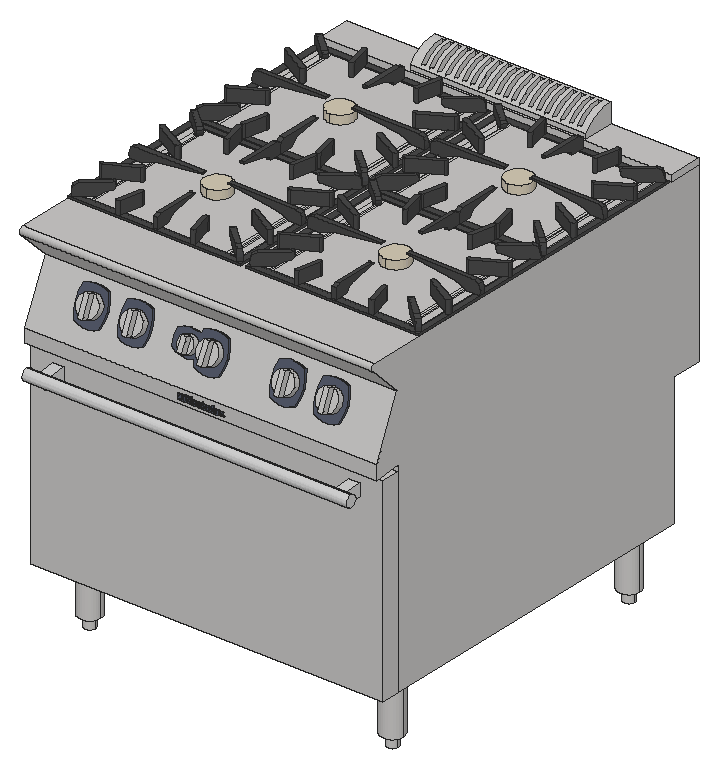
Revit family "QF_ELECTROLUXPROFESSIONAL_391521_E9AAMABBMEE", category Attrezzature speciali, Revit 2018
Family settings
  Quota connettore circolare = Usa diametro
  Tipo di parte = Normale
  Basato su piano di lavoro = No
  Sempre verticale = Sì
  Taglio con vuoti quando caricato = No
  Condiviso = No
  Punto di calcolo locali = No
Parameters (values of type "Standard")
  Weight = 115.00 kg
  Watts = 0 W
  Volts = 0 V
  URL Manufacturer = "https://www.electroluxprofessional.com/"
  URL = "https://www.electroluxprofessional.com/"
  Steam Supply Size = 0"
  Steam Supply Minimum Pressure = 0.00 psi
  Steam Supply Maximum Pressure = 0.00 psi
  Steam Consumption per Hour = 0
  Show Logo [instance] = yes
  Show Clearance [instance] = yes
  Refrigeration Suction Line Size = 0 mm
  Refrigeration Liquid Line Size = 0 mm
  Refrigerant Compressor Remote = yes
  Phase = 0
  Modello = "E9AAMABBMEE"
  Produttore = "Electrolux Professional"
  Length Actual = 800 mm  # constant formula
  Item Number = "391521"
  Hot Water Size = 0"
  Height Actual = 850 mm  # constant formula
  HP = "0 HP"
  Gas Size = 1/2"
  Gas KW = 36.5
  Gas Input Pressure = 1.13485 Btu/h
  Direct Waste Size = 0"
  Descrizione = "4-BURNER GAS RANGE+OVEN 800MM - 3MM WORKTOP"
  Depth Actual = 930 mm  # constant formula
  Cycle = 0 Hz
  Condensate Return Size = 0"
  Compressed Air Volume = 0 GPM
  Compressed Air Size = 0"
  Compressed Air Pressure = 0.00 psi
  Cold Water Size = 0"
  Accessory = yes
Values of the unnamed type that differ from the named types
  Weight = 0.00 kg
  URL Manufacturer = ""
  Item Number = ""
  HP = ""
  Gas KW = 0
  Gas Input Pressure = 0.0 Btu/h
Reference planes
  plane 1 "BACK": y = 0
  plane 2: z = 0
  plane 3 "LEFT": x = 0
  plane 4 "RIGHT": x = 800.1
  plane 5 "FRONT": y = -930.275
  plane 6 "TOP": z = 908.05
  plane 7 "Center Y": x = 400.05
  plane 8 "Center X": y = -465.137
  plane 9: z = 149.225
  plane 10: z = 1397
  plane 11: y = -80.962
  plane 12: z = 850
  plane 13: y = -128
  plane 14: y = -801.687
  plane 15: y = -576
  plane 16: y = -665
  plane 17: y = -1309
  plane 18: x = 744.1
  plane 19: x = 56
Forms (mm)
  Extrusion 1, solid, material "QF_Finishes_Stainless Steel"
    sketch origin (0, 0, 0) x (0, 1, 0) y (0, 0, 1)
      loop
        line (0, 449.262) -> (0, 850) -> (-922.302, 850)
        arc (-922.302, 850) -> (-930.275, 844.673) -> (-928.404, 835.268) r 8.63
        line (-928.404, 835.268) -> (-859.069, 765.933) -> (-916.765, 640.576) -> (-916.765, 609.279) -> (-856.641, 613.975)
        arc (-856.641, 613.975) -> (-854.117, 613.227) -> (-853.025, 610.831) r 3.175
        line (-853.025, 610.831) -> (-853.025, 149.225) -> (-71.438, 149.225) -> (-71.437, 449.263) -> (0, 449.262)
    from 0 to 800.1
  Revolve 2, solid, material "QF_Finishes_Stainless Steel"
    sketch origin (0, -801.687, 611.731) x (0, 0, -1) y (1, 0, 0)
      loop
        line (462.506, 55.562) -> (462.506, 30.162) -> (586.331, 30.162) -> (586.331, 42.862) -> (611.731, 42.862) -> (611.731, 55.562) -> (462.506, 55.562)
      axis (611.731, 55.562) -> (462.506, 55.562)
    angle from 0 to 360
  Revolve 3, solid, material "QF_Finishes_Stainless Steel"
    sketch origin (800.1, -801.687, 611.731) x (0, 0, -1) y (1, 0, 0)
      loop
        line (462.506, -55.562) -> (611.731, -55.562) -> (611.731, -42.862) -> (586.331, -42.862) -> (586.331, -30.162) -> (462.506, -30.162) -> (462.506, -55.562)
      axis (611.731, -55.562) -> (462.506, -55.562)
    angle from 0 to 360
  Revolve 4, solid, material "QF_Finishes_Stainless Steel"
    sketch origin (800.1, -128.588, 611.731) x (0, 0, -1) y (1, 0, 0)
      loop
        line (462.506, -55.562) -> (611.731, -55.562) -> (611.731, -42.862) -> (586.331, -42.862) -> (586.331, -30.162) -> (462.506, -30.162) -> (462.506, -55.562)
      axis (611.731, -55.562) -> (462.506, -55.562)
    angle from 0 to 360
  Revolve 5, solid, material "QF_Finishes_Stainless Steel"
    sketch origin (111.125, -128.588, 611.731) x (0, 0, -1) y (1, 0, 0)
      loop
        line (462.506, -55.562) -> (611.731, -55.562) -> (611.731, -42.862) -> (586.331, -42.862) -> (586.331, -30.162) -> (462.506, -30.162) -> (462.506, -55.562)
      axis (611.731, -55.562) -> (462.506, -55.562)
    angle from 0 to 360
  Extrusion 6, solid, material "QF_Finishes_Stainless Steel"
    sketch origin (0, 0, 0) x (0, 1, 0) y (0, 0, 1)
      loop
        line (0, 850) -> (0, 864.288) -> (-76.2, 864.288) -> (-76.2, 850) -> (0, 850)
    from 0 to 800.1
  Extrusion 7, void
    sketch origin (-65.011, 0, 865.138) x (-1, 0, 0) y (0, -1, 0)
      loop
        line (-295.005, 6.761) -> (-285.709, 6.761) -> (-285.709, 63.911) -> (-295.005, 63.911) -> (-295.005, 6.761)
      loop
        line (-313.697, 6.761) -> (-304.401, 6.761) -> (-304.401, 63.911) -> (-313.697, 63.911) -> (-313.697, 6.761)
      loop
        line (-332.39, 6.761) -> (-323.094, 6.761) -> (-323.094, 63.911) -> (-332.39, 63.911) -> (-332.39, 6.761)
      loop
        line (-351.082, 6.761) -> (-341.787, 6.761) -> (-341.787, 63.911) -> (-351.082, 63.911) -> (-351.082, 6.761)
      loop
        line (-369.775, 6.761) -> (-360.479, 6.761) -> (-360.479, 63.911) -> (-369.775, 63.911) -> (-369.775, 6.761)
      loop
        line (-388.468, 6.761) -> (-379.172, 6.761) -> (-379.172, 63.911) -> (-388.468, 63.911) -> (-388.468, 6.761)
      loop
        line (-407.16, 6.761) -> (-397.864, 6.761) -> (-397.864, 63.911) -> (-407.16, 63.911) -> (-407.16, 6.761)
      loop
        line (-425.853, 6.761) -> (-416.557, 6.761) -> (-416.557, 63.911) -> (-425.853, 63.911) -> (-425.853, 6.761)
      loop
        line (-444.545, 6.761) -> (-435.25, 6.761) -> (-435.25, 63.911) -> (-444.545, 63.911) -> (-444.545, 6.761)
      loop
        line (-463.238, 6.761) -> (-453.942, 6.761) -> (-453.942, 63.911) -> (-463.238, 63.911) -> (-463.238, 6.761)
      loop
        line (-481.931, 6.761) -> (-472.635, 6.761) -> (-472.635, 63.911) -> (-481.931, 63.911) -> (-481.931, 6.761)
      loop
        line (-500.623, 6.761) -> (-491.328, 6.761) -> (-491.328, 63.911) -> (-500.623, 63.911) -> (-500.623, 6.761)
      loop
        line (-519.316, 6.761) -> (-510.02, 6.761) -> (-510.02, 63.911) -> (-519.316, 63.911) -> (-519.316, 6.761)
      loop
        line (-538.008, 6.761) -> (-528.713, 6.761) -> (-528.713, 63.911) -> (-538.008, 63.911) -> (-538.008, 6.761)
      loop
        line (-556.701, 6.761) -> (-547.405, 6.761) -> (-547.405, 63.911) -> (-556.701, 63.911) -> (-556.701, 6.761)
      loop
        line (-575.394, 6.761) -> (-566.098, 6.761) -> (-566.098, 63.911) -> (-575.394, 63.911) -> (-575.394, 6.761)
      loop
        line (-594.086, 6.761) -> (-584.791, 6.761) -> (-584.791, 63.911) -> (-594.086, 63.911) -> (-594.086, 6.761)
      loop
        line (-612.779, 6.761) -> (-603.483, 6.761) -> (-603.483, 63.911) -> (-612.779, 63.911) -> (-612.779, 6.761)
      loop
        line (-631.472, 6.761) -> (-622.176, 6.761) -> (-622.176, 63.911) -> (-631.472, 63.911) -> (-631.472, 6.761)
      loop
        line (-650.164, 6.761) -> (-640.868, 6.761) -> (-640.868, 63.911) -> (-650.164, 63.911) -> (-650.164, 6.761)
    from 9.525 to 45.348
  Extrusion 8, solid, material "QF_Finishes_Stainless Steel"
    sketch origin (400.05, 175.397, 1219.2) x (0, 1, 0) y (0, 0, 1)
      loop
        line (-175.397, -354.912) -> (-175.397, -311.2)
        arc (-175.397, -311.2) -> (-214.469, -319.821) -> (-245.247, -345.387) r 84.854
        line (-245.247, -345.387) -> (-245.247, -354.912) -> (-175.397, -354.912)
    from -200.05 to 199.95
  Extrusion 9, solid, material "QF_Finishes_Navy Blue"
    sketch origin (0, -890.928, 697.612) x (0, -0.418102, -0.9084) y (1, 0, 0)
      loop
        arc (-53.776, 198.214) -> (-18.194, 190.589) -> (17.514, 197.596) r 90.5
        arc (17.514, 197.596) -> (24.34, 226.784) -> (17.514, 255.972) r 65.817
        arc (17.514, 255.972) -> (-18.193, 262.932) -> (-53.776, 255.359) r 91.066
        arc (-53.776, 255.359) -> (-60.332, 226.786) -> (-53.776, 198.214) r 65.546
      loop
        arc (-53.776, 98.214) -> (-18.194, 90.589) -> (17.514, 97.596) r 90.5
        arc (17.514, 97.596) -> (24.34, 126.784) -> (17.514, 155.972) r 65.817
        arc (17.514, 155.972) -> (-18.193, 162.932) -> (-53.776, 155.359) r 91.066
        arc (-53.776, 155.359) -> (-60.332, 126.786) -> (-53.776, 98.214) r 65.546
      loop
        arc (-53.776, 601.786) -> (-60.332, 573.214) -> (-53.776, 544.641) r 65.546
        arc (-53.776, 544.641) -> (-18.193, 537.068) -> (17.514, 544.028) r 91.066
        arc (17.514, 544.028) -> (24.34, 573.216) -> (17.514, 602.404) r 65.817
        arc (17.514, 602.404) -> (-18.194, 609.411) -> (-53.776, 601.786) r 90.5
      loop
        arc (-53.776, 701.786) -> (-60.332, 673.214) -> (-53.776, 644.641) r 65.546
        arc (-53.776, 644.641) -> (-18.193, 637.068) -> (17.514, 644.028) r 91.066
        arc (17.514, 644.028) -> (24.34, 673.216) -> (17.514, 702.404) r 65.817
        arc (17.514, 702.404) -> (-18.194, 709.411) -> (-53.776, 701.786) r 90.5
      loop
        arc (-40.159, 316.707) -> (-21.848, 313.911) -> (-3.351, 314.901) r 90.5
        arc (-3.351, 314.901) -> (6.915, 339.94) -> (6.238, 366.994) r 65.817
        arc (6.238, 366.994) -> (11.94, 368.741) -> (17.514, 370.86) r 90.5
        arc (17.514, 370.86) -> (24.34, 400.048) -> (17.514, 429.235) r 65.817
        arc (17.514, 429.235) -> (-18.193, 436.195) -> (-53.776, 428.623) r 91.066
        arc (-53.776, 428.623) -> (-60.332, 400.05) -> (-53.776, 371.477) r 65.546
        arc (-53.776, 371.477) -> (-49.379, 369.684) -> (-44.894, 368.124) r 90.5
        arc (-44.894, 368.124) -> (-47.802, 341.929) -> (-40.159, 316.707) r 65.546
    from 0 to 3.175
  Extrusion 10, solid, material "QF_Finishes_Stainless Steel"
    sketch origin (0, -893.812, 698.94) x (0, -0.418102, -0.9084) y (1, 0, 0)
      loop
        circle (-18.131, 227.457) r 25.4
      loop
        circle (-18.131, 127.457) r 25.4
      loop
        circle (-18.131, 572.543) r 25.4
      loop
        circle (-18.131, 672.543) r 25.4
      loop
        circle (-18.131, 349.957) r 19.05
      loop
        circle (-18.131, 400.05) r 25.4
    from 0 to 12.7
  Extrusion 11, solid, material "QF_Finishes_Stainless Steel"
    sketch origin (0, -905.349, 704.25) x (0, -0.418102, -0.9084) y (1, 0, 0)
      loop
        arc (-42.863, 233.243) -> (-43.531, 227.457) -> (-42.863, 221.671) r 25.4
        line (-42.863, 221.671) -> (6.601, 221.671)
        arc (6.601, 221.671) -> (7.269, 227.457) -> (6.601, 233.243) r 25.4
        line (6.601, 233.243) -> (-42.863, 233.243)
      loop
        arc (-42.863, 133.243) -> (-43.531, 127.457) -> (-42.863, 121.671) r 25.4
        line (-42.863, 121.671) -> (6.601, 121.671)
        arc (6.601, 121.671) -> (7.269, 127.457) -> (6.601, 133.243) r 25.4
        line (6.601, 133.243) -> (-42.863, 133.243)
      loop
        arc (-34.426, 356.459) -> (-35.24, 350.69) -> (-34.719, 344.887) r 25.4
        line (-34.719, 344.887) -> (-2.956, 344.887)
        arc (-2.956, 344.887) -> (-2.067, 350.647) -> (-2.515, 356.459) r 25.4
        line (-2.515, 356.459) -> (-34.426, 356.459)
      loop
        arc (-42.863, 579.675) -> (-43.531, 573.889) -> (-42.863, 568.102) r 25.4
        line (-42.863, 568.102) -> (6.601, 568.102)
        arc (6.601, 568.102) -> (7.269, 573.889) -> (6.601, 579.675) r 25.4
        line (6.601, 579.675) -> (-42.863, 579.675)
      loop
        arc (-42.863, 679.675) -> (-43.531, 673.889) -> (-42.863, 668.102) r 25.4
        line (-42.863, 668.102) -> (6.601, 668.102)
        arc (6.601, 668.102) -> (7.269, 673.889) -> (6.601, 679.675) r 25.4
        line (6.601, 679.675) -> (-42.863, 679.675)
      loop
        arc (-42.863, 405.836) -> (-43.531, 400.05) -> (-42.863, 394.264) r 25.4
        line (-42.863, 394.264) -> (6.601, 394.264)
        arc (6.601, 394.264) -> (7.269, 400.05) -> (6.601, 405.836) r 25.4
        line (6.601, 405.836) -> (-42.863, 405.836)
    from 0 to 12.7
  Extrusion 12, solid, material "QF_Finishes_Navy Blue", visible <- "Show Logo"
    sketch origin (0, -916.765, 609.279) x (0, 0, 1) y (-1, 0, 0)
      loop
        line (21.268, -357.807) -> (8.901, -357.807)
        arc (8.901, -357.807) -> (15.085, -362.379) -> (21.268, -357.807) r 6.467
      loop
        arc (21.268, -357.178) -> (20.099, -352.035) -> (15.443, -349.557) r 6.338
        line (15.443, -349.557) -> (15.443, -351.603)
        arc (15.443, -351.603) -> (16.927, -355.258) -> (20.372, -357.178) r 5.941
        line (20.372, -357.178) -> (21.268, -357.178)
      loop
        arc (9.797, -357.178) -> (13.242, -355.258) -> (14.726, -351.603) r 5.941
        line (14.726, -351.603) -> (14.726, -349.557)
        arc (14.726, -349.557) -> (10.032, -352.031) -> (8.742, -357.178) r 6.504
        line (8.742, -357.178) -> (9.797, -357.178)
      loop
        line (21.943, -349.088) -> (8.198, -349.088) -> (8.198, -362.851) -> (21.943, -362.851) -> (21.943, -349.088)
      loop
        arc (22.026, -365.819) -> (21.679, -365.461) -> (21.312, -365.799) r 0.358
        arc (21.312, -365.799) -> (20.997, -366.549) -> (20.281, -366.934) r 1.216
        line (20.281, -366.934) -> (9.868, -366.934)
        arc (9.868, -366.934) -> (9.208, -366.657) -> (8.812, -366.06) r 1.238
        arc (8.812, -366.06) -> (8.417, -365.809) -> (8.112, -366.163) r 0.358
        line (8.112, -366.163) -> (8.112, -376.042) -> (10.863, -376.042) -> (10.863, -375.145)
        arc (10.863, -375.145) -> (9.954, -374.565) -> (9.498, -373.588) r 1.928
        line (9.498, -373.588) -> (9.498, -371.089)
        arc (9.498, -371.089) -> (9.774, -370.36) -> (10.462, -369.996) r 1.101
        line (10.462, -369.996) -> (14.549, -369.996) -> (14.549, -373.67)
        arc (14.549, -373.67) -> (14.196, -374.167) -> (13.631, -374.395) r 1.083
        arc (13.631, -374.395) -> (13.367, -374.7) -> (13.659, -374.978) r 0.292
        line (13.659, -374.978) -> (16.621, -374.978)
        arc (16.621, -374.978) -> (16.924, -374.705) -> (16.686, -374.375) r 0.305
        arc (16.686, -374.375) -> (16.195, -374.127) -> (15.89, -373.67) r 1.083
        line (15.89, -373.67) -> (15.89, -369.996) -> (20.567, -369.996) -> (20.567, -373.744)
        arc (20.567, -373.744) -> (20.353, -374.499) -> (19.747, -374.997) r 1.314
        arc (19.747, -374.997) -> (19.527, -375.401) -> (19.882, -375.694) r 0.361
        line (19.882, -375.694) -> (22.026, -375.694) -> (22.026, -365.819)
      loop
        arc (21.309, -376.474) -> (20.928, -377.393) -> (20.01, -377.773) r 1.299
        line (20.01, -377.773) -> (10.431, -377.773)
        arc (10.431, -377.773) -> (9.593, -377.395) -> (9.321, -376.517) r 1.118
        line (9.321, -376.517) -> (8.112, -376.517) -> (8.112, -381.867) -> (9.3, -381.867)
        arc (9.3, -381.867) -> (9.572, -380.95) -> (10.442, -380.554) r 1.153
        line (10.442, -380.554) -> (22.514, -380.554) -> (21.309, -376.474)
      loop
        line (13.077, -384.503) -> (13.077, -390.951) -> (13.876, -390.951)
        arc (13.876, -390.951) -> (16.456, -389.966) -> (17.725, -387.513) r 3.874
        line (17.725, -387.513) -> (17.725, -385.752)
        arc (17.725, -385.752) -> (16.538, -382.887) -> (13.674, -381.701) r 4.051
        line (13.674, -381.701) -> (11.666, -381.701)
        arc (11.666, -381.701) -> (8.847, -383.186) -> (7.795, -386.193) r 4.352
        arc (7.795, -386.193) -> (8.16, -388.656) -> (9.537, -390.73) r 5.713
        line (9.537, -390.73) -> (10.486, -390.73)
        arc (10.486, -390.73) -> (9.754, -389.161) -> (9.537, -387.443) r 5.579
        arc (9.537, -387.443) -> (10.331, -385.48) -> (12.21, -384.503) r 3.057
        line (12.21, -384.503) -> (13.077, -384.503)
      loop
        line (14.336, -384.503) -> (14.336, -388.085)
        arc (14.336, -388.085) -> (15.793, -388.133) -> (16.676, -386.973) r 1.59
        line (16.676, -386.973) -> (16.676, -386.143)
        arc (16.676, -386.143) -> (15.811, -384.888) -> (14.336, -384.503) r 2.184
      loop
        arc (17.127, -400.368) -> (17.616, -398.694) -> (17.773, -396.957) r 9.023
        line (17.773, -396.957) -> (17.773, -395.595)
        arc (17.773, -395.595) -> (16.614, -392.795) -> (13.814, -391.636) r 3.959
        line (13.814, -391.636) -> (11.214, -391.636)
        arc (11.214, -391.636) -> (8.932, -392.928) -> (7.815, -395.301) r 4.331
        line (7.815, -395.301) -> (7.815, -397.436)
        arc (7.815, -397.436) -> (8.323, -398.986) -> (9.245, -400.332) r 5.772
        arc (9.245, -400.332) -> (10.006, -400.383) -> (10.093, -399.624) r 0.553
        arc (10.093, -399.624) -> (9.705, -398.89) -> (9.571, -398.071) r 2.573
        line (9.571, -398.071) -> (9.571, -396.556)
        arc (9.571, -396.556) -> (10.577, -394.915) -> (12.392, -394.272) r 2.884
        line (12.392, -394.272) -> (13.67, -394.272)
        arc (13.67, -394.272) -> (15.492, -394.832) -> (16.418, -396.497) r 2.554
        line (16.418, -396.497) -> (16.418, -397.55)
        arc (16.418, -397.55) -> (16.087, -398.478) -> (15.43, -399.213) r 2.564
        arc (15.43, -399.213) -> (15.208, -399.93) -> (15.817, -400.368) r 0.643
        line (15.817, -400.368) -> (17.127, -400.368)
      loop
        line (16.109, -400.638) -> (16.109, -402.139) -> (10.061, -402.139)
        arc (10.061, -402.139) -> (8.473, -402.797) -> (7.815, -404.385) r 2.246
        line (7.815, -404.385) -> (7.815, -405.969)
        arc (7.815, -405.969) -> (8.129, -406.834) -> (8.629, -407.605) r 4.06
        arc (8.629, -407.605) -> (9.362, -407.738) -> (9.613, -407.037) r 0.576
        arc (9.613, -407.037) -> (9.507, -406.512) -> (9.571, -405.979) r 1.69
        arc (9.571, -405.979) -> (10.113, -405.191) -> (11.019, -404.888) r 1.506
        line (11.019, -404.888) -> (16.157, -404.888) -> (16.157, -407.285) -> (16.713, -407.842) -> (17.535, -407.842) -> (17.535, -404.982) -> (20.766, -404.982) -> (16.109, -400.638)
      loop
        line (8.032, -408.739) -> (8.032, -414.126) -> (9.142, -414.126)
        arc (9.142, -414.126) -> (9.536, -413.175) -> (10.487, -412.781) r 1.345
        line (10.487, -412.781) -> (14.103, -412.781)
        arc (14.103, -412.781) -> (14.868, -413.373) -> (15.157, -414.295) r 1.615
        line (15.157, -414.295) -> (15.157, -415.851) -> (17.713, -416.536) -> (17.713, -415.153) -> (15.771, -412.594) -> (17.651, -412.594) -> (17.367, -409.888)
        arc (17.367, -409.888) -> (16.927, -409.358) -> (16.268, -409.559) r 0.621
        arc (16.268, -409.559) -> (15.868, -409.901) -> (15.374, -410.084) r 1.501
        line (15.374, -410.084) -> (10.487, -410.084)
        arc (10.487, -410.084) -> (9.536, -409.69) -> (9.142, -408.739) r 1.345
        line (9.142, -408.739) -> (8.032, -408.739)
      loop
        line (14.134, -416.073) -> (11.442, -416.073)
        arc (11.442, -416.073) -> (8.996, -417.381) -> (7.863, -419.912) r 4.288
        arc (7.863, -419.912) -> (7.799, -421.292) -> (7.863, -422.672) r 15.022
        arc (7.863, -422.672) -> (8.996, -425.203) -> (11.442, -426.51) r 4.288
        line (11.442, -426.51) -> (14.134, -426.51)
        arc (14.134, -426.51) -> (16.579, -425.203) -> (17.713, -422.672) r 4.288
        arc (17.713, -422.672) -> (17.777, -421.292) -> (17.713, -419.912) r 15.022
        arc (17.713, -419.912) -> (16.579, -417.381) -> (14.134, -416.073) r 4.288
      loop
        line (14.339, -419.187) -> (11.237, -419.187)
        arc (11.237, -419.187) -> (9.08, -421.344) -> (11.237, -423.501) r 2.157
        line (11.237, -423.501) -> (14.339, -423.501)
        arc (14.339, -423.501) -> (16.496, -421.344) -> (14.339, -419.187) r 2.157
      loop
        arc (21.32, -426.369) -> (20.949, -427.263) -> (20.055, -427.633) r 1.264
        line (20.055, -427.633) -> (10.191, -427.633)
        arc (10.191, -427.633) -> (9.321, -427.236) -> (9.049, -426.32) r 1.153
        line (9.049, -426.32) -> (8.112, -426.32) -> (8.112, -431.428) -> (9.04, -431.428)
        arc (9.04, -431.428) -> (9.399, -430.656) -> (10.191, -430.341) r 1.153
        line (10.191, -430.341) -> (22.514, -430.341) -> (21.32, -426.369)
      loop
        arc (16.44, -430.966) -> (16.241, -432.03) -> (15.272, -432.512) r 1.215
        line (15.272, -432.512) -> (10.252, -432.512)
        arc (10.252, -432.512) -> (8.637, -433.16) -> (7.916, -434.743) r 2.338
        line (7.916, -434.743) -> (7.916, -436.257)
        arc (7.916, -436.257) -> (8.091, -437.261) -> (8.593, -438.147) r 2.979
        line (8.593, -438.147) -> (8.112, -439.944) -> (8.112, -441.633) -> (17.537, -441.633) -> (17.243, -437.429) -> (16.457, -437.429)
        arc (16.457, -437.429) -> (16.101, -438.265) -> (15.349, -438.774) r 1.605
        line (15.349, -438.774) -> (10.246, -438.774)
        arc (10.246, -438.774) -> (9.826, -437.837) -> (9.753, -436.813) r 2.94
        arc (9.753, -436.813) -> (10.314, -435.712) -> (11.467, -435.269) r 1.724
        line (11.467, -435.269) -> (17.664, -435.269) -> (16.44, -430.966)
      loop
        line (17.468, -442.486) -> (15.796, -444.532) -> (12.622, -446.838) -> (9.166, -443.726)
        arc (9.166, -443.726) -> (8.928, -443.332) -> (8.951, -442.873) r 0.789
        line (8.951, -442.873) -> (8.112, -442.873) -> (8.112, -446.418) -> (8.938, -446.418)
        arc (8.938, -446.418) -> (9.28, -446.056) -> (9.77, -446.148) r 0.52
        line (9.77, -446.148) -> (11.57, -447.619) -> (9.452, -448.995)
        arc (9.452, -448.995) -> (9.051, -448.685) -> (8.964, -448.185) r 0.7
        line (8.964, -448.185) -> (8.112, -448.185) -> (8.112, -454.112) -> (8.998, -454.112)
        arc (8.998, -454.112) -> (9.065, -453.453) -> (9.46, -452.922) r 1.247
        line (9.46, -452.922) -> (13.66, -449.641) -> (16.107, -451.694) -> (17.468, -453.436) -> (17.468, -449.713) -> (15.983, -450.135) -> (14.462, -448.858) -> (16.162, -447.668) -> (17.468, -448.445) -> (17.468, -442.486)
    from 0 to 1.644
  Extrusion 13, solid, material "QF_Finishes_Stainless Steel"
    sketch origin (0, -853.025, 610.831) x (0, 0, -1) y (1, 0, 0)
      loop
        line (460.831, 0) -> (460.831, 800) -> (9.61, 800) -> (9.61, 0) -> (460.831, 0)
    from 3.175 to 46.663
  Extrusion 14, solid, material "QF_Finishes_Handrails and Railings"
    sketch origin (50.8, -1053.827, 150) x (0, 0, 1) y (0, 1, 0)
      loop
        circle (420.409, 103.146) r 12.7
    from 19.875 to -718.375
  Extrusion 15, solid, material "QF_Finishes_Handrails and Railings"
    sketch origin (800, -1053.827, 150) x (0, 0, 1) y (0, -1, 0)
      loop
        line (429.101, -153.025) -> (426.396, -114.347)
        arc (426.396, -114.347) -> (412.589, -113.153) -> (408.093, -100.044) r 12.7
        arc (408.093, -100.044) -> (407.276, -100.585) -> (406.501, -101.183) r 13.441
        arc (406.501, -101.183) -> (405.055, -102.989) -> (404.435, -105.216) r 5.77
        line (404.435, -105.216) -> (401.092, -153.025) -> (429.101, -153.025)
    from -50.7 to -76.1
  Extrusion 16, solid, material "QF_Finishes_Handrails and Railings"
    sketch origin (0.1, -1053.827, 150) x (0, 0, 1) y (0, 1, 0)
      loop
        line (429.101, 153.025) -> (401.092, 153.025) -> (404.435, 105.216)
        arc (404.435, 105.216) -> (405.055, 102.989) -> (406.501, 101.183) r 5.77
        arc (406.501, 101.183) -> (407.276, 100.585) -> (408.093, 100.044) r 13.441
        arc (408.093, 100.044) -> (412.589, 113.153) -> (426.396, 114.347) r 12.7
        line (426.396, 114.347) -> (429.101, 153.025)
    from -50.7 to -76.1
  Extrusion 17, solid, material "QF_Door-Drawer Clearances", visible <- "Show Clearance", detail levels coarse
    sketch origin (800, -853.025, 150) x (0, 0, 1) y (0, -1, 0)
      loop
        line (0, 455.843) -> (0, 46.663) -> (451.222, 46.663)
        arc (451.222, 46.663) -> (302.118, 335.621) -> (0, 455.843) r 464.165
    from 0 to -800
  Extrusion 18, solid, material "QF_Finishes_Stainless Steel"
    sketch origin (0, -853.025, 149.225) x (1, 0, 0) y (0, -1, 0)
      loop
        circle (749.3, -187.862) r 6.4
      loop
        circle (757.1, -277.025) r 6.4
    from 0 to 20.638
  Extrusion 19, solid, material "QF_Clearances", visible <- "Show Clearance", detail levels coarse
    sketch origin (0, 0, 0) x (1, 0, 0) y (0, 1, 0)
      loop
        line (-100.013, -930.275) -> (0, -930.275) -> (0, 0) -> (800.1, 0) -> (800.1, -930.275) -> (900.113, -930.275) -> (900.113, 100.013) -> (-100.013, 100.013) -> (-100.013, -930.275)
    from 0 to 908.05
Cuts and joins
  Extrusion 7 cuts Extrusion 8
Lines and regions (mm)
  symbolic lines, style "QF_Clearances", visible <- "Show Clearance", detail levels coarse
    curve 1: line (-100.013, -930.275, 0) -> (-100.012, 100.013, 0)
    curve 2: line (-100.013, 100.013, 0) -> (900.113, 100.013, 0)
    curve 3: line (900.113, 100.013, 0) -> (900.113, -929.879, 0)
  symbolic lines
    curve 4: line (0, 0, 0) -> (800.1, 0, 0)
    curve 5: line (800.1, 0, 0) -> (800.1, -930.275, 0)
    curve 6: line (0, -930.275, 0) -> (0, 0, 0)
    curve 7: line (0, -76.2, 0) -> (800.1, -76.2, 0)
    curve 8: line (0, -930.275, 0) -> (800.1, -930.275, 0)
    curve 12: line (769.175, -963.381, 0) -> (30.925, -963.381, 0)
    curve 13: line (30.925, -963.381, 0) -> (30.925, -937.981, 0)
    curve 14: line (769.175, -963.381, 0) -> (769.175, -937.981, 0)
    curve 15: line (769.175, -937.981, 0) -> (749.3, -937.981, 0)
    curve 16: line (749.3, -953.783, 0) -> (749.3, -930.275, 0)
    curve 17: line (723.9, -953.783, 0) -> (723.9, -930.275, 0)
    curve 18: line (723.9, -937.981, 0) -> (76.2, -937.981, 0)
    curve 19: line (30.925, -937.981, 0) -> (50.8, -937.981, 0)
    curve 20: line (50.8, -930.275, 0) -> (50.8, -953.783, 0)
    curve 21: line (50.8, -953.783, 0) -> (76.2, -953.783, 0)
    curve 22: line (76.2, -953.783, 0) -> (76.2, -930.275, 0)
    curve 23: line (749.3, -953.783, 0) -> (723.9, -953.783, 0)
    curve 24: line (200, -69.85, 0) -> (200, 0, 0)
    curve 25: line (200, -69.85, 0) -> (600, -69.85, 0)
    curve 26: line (600, -69.85, 0) -> (600, 0, 0)
    curve 27: line (585.153, -6.761, 0) -> (585.153, -63.911, 0)
    curve 28: line (585.153, -63.911, 0) -> (575.857, -63.911, 0)
    curve 29: line (575.857, -63.911, 0) -> (575.857, -6.761, 0)
    curve 30: line (575.857, -6.761, 0) -> (585.153, -6.761, 0)
    curve 31: line (566.461, -6.761, 0) -> (566.461, -63.911, 0)
    curve 32: line (566.461, -63.911, 0) -> (557.165, -63.911, 0)
    curve 33: line (557.165, -63.911, 0) -> (557.165, -6.761, 0)
    curve 34: line (557.165, -6.761, 0) -> (566.461, -6.761, 0)
    curve 35: line (547.768, -6.761, 0) -> (547.768, -63.911, 0)
    curve 36: line (547.768, -63.911, 0) -> (538.472, -63.911, 0)
    curve 37: line (538.472, -63.911, 0) -> (538.472, -6.761, 0)
    curve 38: line (538.472, -6.761, 0) -> (547.768, -6.761, 0)
    curve 39: line (529.075, -6.761, 0) -> (529.075, -63.911, 0)
    curve 40: line (529.075, -63.911, 0) -> (519.78, -63.911, 0)
    curve 41: line (519.78, -63.911, 0) -> (519.78, -6.761, 0)
    curve 42: line (519.78, -6.761, 0) -> (529.075, -6.761, 0)
    curve 43: line (510.383, -6.761, 0) -> (510.383, -63.911, 0)
    curve 44: line (510.383, -63.911, 0) -> (501.087, -63.911, 0)
    curve 45: line (501.087, -63.911, 0) -> (501.087, -6.761, 0)
    curve 46: line (501.087, -6.761, 0) -> (510.383, -6.761, 0)
    curve 47: line (491.69, -6.761, 0) -> (491.69, -63.911, 0)
    curve 48: line (491.69, -63.911, 0) -> (482.394, -63.911, 0)
    curve 49: line (482.394, -63.911, 0) -> (482.394, -6.761, 0)
    curve 50: line (482.394, -6.761, 0) -> (491.69, -6.761, 0)
    curve 51: line (472.998, -6.761, 0) -> (472.998, -63.911, 0)
    curve 52: line (472.998, -63.911, 0) -> (463.702, -63.911, 0)
    curve 53: line (463.702, -63.911, 0) -> (463.702, -6.761, 0)
    curve 54: line (463.702, -6.761, 0) -> (472.998, -6.761, 0)
    curve 55: line (454.305, -6.761, 0) -> (454.305, -63.911, 0)
    curve 56: line (454.305, -63.911, 0) -> (445.009, -63.911, 0)
    curve 57: line (445.009, -63.911, 0) -> (445.009, -6.761, 0)
    curve 58: line (445.009, -6.761, 0) -> (454.305, -6.761, 0)
    curve 59: line (435.612, -6.761, 0) -> (435.612, -63.911, 0)
    curve 60: line (435.612, -63.911, 0) -> (426.317, -63.911, 0)
    curve 61: line (426.317, -63.911, 0) -> (426.317, -6.761, 0)
    curve 62: line (426.317, -6.761, 0) -> (435.612, -6.761, 0)
    curve 63: line (416.92, -6.761, 0) -> (416.92, -63.911, 0)
    curve 64: line (416.92, -63.911, 0) -> (407.624, -63.911, 0)
    curve 65: line (407.624, -63.911, 0) -> (407.624, -6.761, 0)
    curve 66: line (407.624, -6.761, 0) -> (416.92, -6.761, 0)
    curve 67: line (398.227, -6.761, 0) -> (398.227, -63.911, 0)
    curve 68: line (398.227, -63.911, 0) -> (388.931, -63.911, 0)
    curve 69: line (388.931, -63.911, 0) -> (388.931, -6.761, 0)
    curve 70: line (388.931, -6.761, 0) -> (398.227, -6.761, 0)
    curve 71: line (379.534, -6.761, 0) -> (379.534, -63.911, 0)
    curve 72: line (379.534, -63.911, 0) -> (370.239, -63.911, 0)
    curve 73: line (370.239, -63.911, 0) -> (370.239, -6.761, 0)
    curve 74: line (370.239, -6.761, 0) -> (379.534, -6.761, 0)
    curve 75: line (360.842, -6.761, 0) -> (360.842, -63.911, 0)
    curve 76: line (360.842, -63.911, 0) -> (351.546, -63.911, 0)
    curve 77: line (351.546, -63.911, 0) -> (351.546, -6.761, 0)
    curve 78: line (351.546, -6.761, 0) -> (360.842, -6.761, 0)
    curve 79: line (342.149, -6.761, 0) -> (342.149, -63.911, 0)
    curve 80: line (342.149, -63.911, 0) -> (332.854, -63.911, 0)
    curve 81: line (332.854, -63.911, 0) -> (332.854, -6.761, 0)
    curve 82: line (332.854, -6.761, 0) -> (342.149, -6.761, 0)
    curve 83: line (323.457, -6.761, 0) -> (323.457, -63.911, 0)
    curve 84: line (323.457, -63.911, 0) -> (314.161, -63.911, 0)
    curve 85: line (314.161, -63.911, 0) -> (314.161, -6.761, 0)
    curve 86: line (314.161, -6.761, 0) -> (323.457, -6.761, 0)
    curve 87: line (304.764, -6.761, 0) -> (304.764, -63.911, 0)
    curve 88: line (304.764, -63.911, 0) -> (295.468, -63.911, 0)
    curve 89: line (295.468, -63.911, 0) -> (295.468, -6.761, 0)
    curve 90: line (295.468, -6.761, 0) -> (304.764, -6.761, 0)
    curve 91: line (286.071, -6.761, 0) -> (286.071, -63.911, 0)
    curve 92: line (286.071, -63.911, 0) -> (276.776, -63.911, 0)
    curve 93: line (276.776, -63.911, 0) -> (276.776, -6.761, 0)
    curve 94: line (276.776, -6.761, 0) -> (286.071, -6.761, 0)
    curve 95: line (267.379, -6.761, 0) -> (267.379, -63.911, 0)
    curve 96: line (267.379, -63.911, 0) -> (258.083, -63.911, 0)
    curve 97: line (258.083, -63.911, 0) -> (258.083, -6.761, 0)
    curve 98: line (258.083, -6.761, 0) -> (267.379, -6.761, 0)
    curve 99: line (248.686, -6.761, 0) -> (248.686, -63.911, 0)
    curve 100: line (248.686, -63.911, 0) -> (239.39, -63.911, 0)
    curve 101: line (239.39, -63.911, 0) -> (239.39, -6.761, 0)
    curve 102: line (239.39, -6.761, 0) -> (248.686, -6.761, 0)
    curve 103: line (229.994, -6.761, 0) -> (229.994, -63.911, 0)
    curve 104: line (229.994, -63.911, 0) -> (220.698, -63.911, 0)
    curve 105: line (220.698, -63.911, 0) -> (220.698, -6.761, 0)
    curve 106: line (220.698, -6.761, 0) -> (229.994, -6.761, 0)
  symbolic lines, style "QF_Door-Drawer Clearances"
    curve 9: line (0, -1308.868, 0) -> (800, -1308.868, 0)
    curve 10: line (800, -1308.868, 0) -> (800, -928.868, 0)
    curve 11: line (0, -1308.868, 0) -> (0, -930.275, 0)
Dimensions and locks
  equal spacing: plane 3 "LEFT", plane 7 "Center Y", plane 4 "RIGHT"
  plane 3 "LEFT" to plane 4 "RIGHT" = 800.1 mm
  equal spacing: plane 5 "FRONT", plane 8 "Center X", plane 1 "BACK"
  plane 5 "FRONT" to plane 1 "BACK" = 930.275 mm  (x2)
  plane 6 "TOP" to plane 2 = 908.05 mm
  plane 9 to plane 2 = 149.225 mm  (x2)
  plane 10 to plane 6 "TOP" = 488.95 mm
  plane 10 to plane 2 = 1397 mm
  plane 10 to plane 9 = 1247.775 mm
  plane 6 "TOP" to plane 12 = 58.05 mm
  plane 12 to plane 2 = 850 mm
  plane 13 to plane 1 "BACK" = 128 mm
  plane 14 to plane 13 = 673.688 mm
  Extrusion 1 sketch curve to plane 1 "BACK" = 71.438 mm
  Extrusion 1 sketch curve to plane 9 = 300.038 mm
  Extrusion 18 sketch curve to plane 4 "RIGHT" = 50.8 mm
  Extrusion 18 sketch curve to plane 1 "BACK" = 665.163 mm
  Extrusion 18 to plane 2 = 128.588 mm
  plane 9 to Extrusion 1 = 300.037 mm
  Extrusion 1 to plane 1 "BACK" = 71.438 mm
  Extrusion 18 sketch curve to plane 1 "BACK" = 576 mm
  Extrusion 18 sketch curve to plane 4 "RIGHT" = 43 mm
  plane 16 to plane 1 "BACK" = 665 mm
  plane 15 to plane 1 "BACK" = 576 mm
  plane 17 to plane 1 "BACK" = 1309 mm
  Extrusion 17 to plane 14 = 98 mm
  Extrusion 17 to plane 1 "BACK" = 899.687 mm
  plane 3 "LEFT" to plane 19 to plane 18 to plane 4 "RIGHT" = 56 mm, 688.1 mm, 56 mm
  aligned and locked: level to plane 2
  aligned and locked: Extrusion 1 to plane 4 "RIGHT"
  aligned and locked: plane 14 to Revolve 2
  aligned and locked: Extrusion 6 to plane 4 "RIGHT"
  aligned and locked: Extrusion 17 to Extrusion 13
  aligned and locked: plane 6 "TOP" to Extrusion 19
Automatic sketch dimensions
  Extrusion 1 sketch curve to plane 12 = 0 mm
  Extrusion 1 sketch curve to plane 9 = 0 mm
  Extrusion 1 sketch curve to plane 1 "BACK" = 0 mm
  plane 14 to Extrusion 1 sketch curve = 51.337 mm
  Extrusion 1 sketch curve to Extrusion 1 sketch curve = 3.175 mm
  Extrusion 1 sketch curve to Extrusion 1 sketch curve = 0.442 mm
  Extrusion 1 sketch curve to plane 5 "FRONT" = 1.871 mm
  Extrusion 1 sketch curve to plane 12 = 240.721 mm
  Extrusion 1 sketch curve to Extrusion 1 sketch curve = 1.552 mm
  Extrusion 1 sketch curve to Extrusion 1 sketch curve = 31.298 mm
  Extrusion 1 sketch curve to plane 12 = 84.067 mm
  Extrusion 1 sketch curve to plane 12 = 14.732 mm
  Revolve 2 sketch curve to plane 9 = 0 mm
  Revolve 2 sketch curve to level = 0 mm
  Revolve 2 sketch curve to Revolve 2 sketch curve = 32.525 mm
  Revolve 2 sketch curve to Revolve 2 sketch curve = 50.8 mm
  level to Revolve 2 sketch curve = 25.4 mm
  Revolve 2 sketch curve to Revolve 2 sketch curve = 12.7 mm  (x2)
  Revolve 3 sketch curve to plane 9 = 0 mm
  Revolve 3 sketch curve to level = 0 mm
  Revolve 3 sketch curve to Revolve 3 sketch curve = 32.525 mm
  Revolve 3 sketch curve to Revolve 3 sketch curve = 50.8 mm
  level to Revolve 3 sketch curve = 25.4 mm
  Revolve 3 sketch curve to Revolve 3 sketch curve = 12.7 mm
  Revolve 3 sketch curve to Revolve 3 sketch curve = 25.4 mm
  Revolve 4 sketch curve to plane 9 = 0 mm
  Revolve 4 sketch curve to level = 0 mm
  Revolve 4 sketch curve to Revolve 4 sketch curve = 32.525 mm
  Revolve 4 sketch curve to Revolve 4 sketch curve = 50.8 mm
  level to Revolve 4 sketch curve = 25.4 mm
  Revolve 4 sketch curve to Revolve 4 sketch curve = 12.7 mm
  Revolve 4 sketch curve to Revolve 4 sketch curve = 25.4 mm
  Revolve 5 sketch curve to plane 9 = 0 mm
  Revolve 5 sketch curve to level = 0 mm
  Revolve 5 sketch curve to Revolve 5 sketch curve = 32.525 mm
  Revolve 5 sketch curve to Revolve 5 sketch curve = 50.8 mm
  level to Revolve 5 sketch curve = 25.4 mm
  Extrusion 6 sketch curve to plane 12 = 0 mm
  Extrusion 6 sketch curve to plane 1 "BACK" = 0 mm
  plane 11 to Extrusion 6 sketch curve = 4.763 mm
  plane 12 to Extrusion 6 sketch curve = 14.288 mm
  plane 11 to Extrusion 7 sketch curve = 17.052 mm  (x19)
  Extrusion 7 sketch curve to Extrusion 7 sketch curve = 9.296 mm  (x20)
  Extrusion 7 sketch curve to Extrusion 7 sketch curve = 9.397 mm  (x18)
  plane 7 "Center Y" to Extrusion 7 sketch curve = 7.574 mm
  Extrusion 7 sketch curve to plane 7 "Center Y" = 1.823 mm
  Extrusion 7 sketch curve to Extrusion 7 sketch curve = 0 mm
  plane 1 "BACK" to Extrusion 7 sketch curve = 6.761 mm  (x20)
  Extrusion 8 sketch curve to plane 1 "BACK" = 0 mm
  plane 1 "BACK" to Extrusion 8 sketch curve = 1.769 mm
  plane 11 to Extrusion 8 sketch curve = 11.113 mm
  Extrusion 8 sketch curve to plane 12 = 26.835 mm
  plane 12 to Extrusion 8 sketch curve = 14.288 mm
  Extrusion 8 sketch curve to Extrusion 8 sketch curve = 9.525 mm
  Extrusion 9 sketch curve to Extrusion 9 sketch curve = 0 mm  (x13)
  Extrusion 9 sketch curve to plane 7 "Center Y" = 0 mm
  Extrusion 9 sketch curve to plane 7 "Center Y" = 48.195 mm
  Extrusion 9 sketch curve to Extrusion 9 sketch curve = 4.038 mm  (x2)
  plane 7 "Center Y" to Extrusion 9 sketch curve = 28.573 mm
  Extrusion 9 sketch curve to Extrusion 9 sketch curve = 8.882 mm
  Extrusion 9 sketch curve to Extrusion 9 sketch curve = 12.3 mm  (x14)
  Extrusion 9 sketch curve to plane 7 "Center Y" = 0.002 mm
  Extrusion 9 sketch curve to Extrusion 9 sketch curve = 17.655 mm
  Extrusion 9 sketch curve to Extrusion 9 sketch curve = 36.365 mm  (x6)
  Extrusion 9 sketch curve to Extrusion 9 sketch curve = 22.748 mm
  Extrusion 9 sketch curve to Extrusion 9 sketch curve = 27.483 mm
  plane 7 "Center Y" to Extrusion 9 sketch curve = 4.252 mm
  Extrusion 9 sketch curve to Extrusion 9 sketch curve = 24.066 mm
  Extrusion 9 sketch curve to Extrusion 9 sketch curve = 14.06 mm
  Extrusion 9 sketch curve to Extrusion 9 sketch curve = 46.691 mm  (x4)
  Extrusion 9 sketch curve to Extrusion 9 sketch curve = 22.625 mm
  Extrusion 9 sketch curve to Extrusion 9 sketch curve = 23.649 mm
  Extrusion 9 sketch curve to Extrusion 9 sketch curve = 11.23 mm
  Extrusion 9 sketch curve to Extrusion 9 sketch curve = 11.276 mm
  plane 7 "Center Y" to Extrusion 9 sketch curve = 29.185 mm
  Extrusion 9 sketch curve to Extrusion 9 sketch curve = 25.727 mm  (x2)
  Extrusion 9 sketch curve to Extrusion 9 sketch curve = 28.57 mm  (x2)
  Extrusion 9 sketch curve to Extrusion 9 sketch curve = 9.217 mm  (x2)
  Extrusion 9 sketch curve to Extrusion 9 sketch curve = 16.51 mm  (x2)
  Extrusion 9 sketch curve to Extrusion 9 sketch curve = 17.128 mm
  Extrusion 9 sketch curve to Extrusion 9 sketch curve = 30.232 mm
  Extrusion 9 sketch curve to Extrusion 9 sketch curve = 64.564 mm
  Extrusion 9 sketch curve to Extrusion 9 sketch curve = 25.114 mm
  Extrusion 9 sketch curve to Extrusion 9 sketch curve = 29.185 mm  (x2)
  Extrusion 10 sketch curve to Extrusion 10 sketch curve = 0 mm  (x5)
  Extrusion 10 sketch curve to Extrusion 10 sketch curve = 100 mm  (x2)
  Extrusion 10 sketch curve to Extrusion 10 sketch curve = 122.5 mm
  Extrusion 10 sketch curve to Extrusion 10 sketch curve = 50.093 mm
  Extrusion 10 sketch curve to Extrusion 10 sketch curve = 172.493 mm
  Extrusion 11 sketch curve to Extrusion 11 sketch curve = 0 mm  (x10)
  Extrusion 11 sketch curve to Extrusion 11 sketch curve = 9.318 mm
  Extrusion 11 sketch curve to Extrusion 11 sketch curve = 6.977 mm
  Extrusion 11 sketch curve to Extrusion 11 sketch curve = 7.271 mm
  Extrusion 11 sketch curve to Extrusion 11 sketch curve = 24.732 mm  (x8)
  Extrusion 11 sketch curve to Extrusion 11 sketch curve = 17.6 mm
  Extrusion 11 sketch curve to Extrusion 11 sketch curve = 6.893 mm
  Extrusion 11 sketch curve to Extrusion 11 sketch curve = 7.334 mm
  Extrusion 11 sketch curve to Extrusion 11 sketch curve = 49.377 mm
  Extrusion 11 sketch curve to Extrusion 11 sketch curve = 5.159 mm
  Extrusion 11 sketch curve to Extrusion 11 sketch curve = 162.266 mm
  Extrusion 11 sketch curve to Extrusion 11 sketch curve = 5.786 mm  (x2)
  Extrusion 11 sketch curve to Extrusion 11 sketch curve = 88.428 mm
  Extrusion 12 sketch curve to Extrusion 1 = 2.755 mm
  Extrusion 12 sketch curve to Extrusion 1 = 7.795 mm
  Extrusion 12 sketch curve to Extrusion 1 = 7.815 mm  (x2)
  Extrusion 12 sketch curve to Extrusion 12 sketch curve = 5.108 mm  (x2)
  Extrusion 12 sketch curve to Extrusion 12 sketch curve = 0 mm  (x27)
  Extrusion 12 sketch curve to Extrusion 1 = 7.916 mm
  Extrusion 12 sketch curve to Extrusion 12 sketch curve = 0.218 mm
  Extrusion 12 sketch curve to Extrusion 12 sketch curve = 0.195 mm
  Extrusion 12 sketch curve to Extrusion 12 sketch curve = 0.249 mm
  Extrusion 12 sketch curve to Extrusion 1 = 8.112 mm
  Extrusion 12 sketch curve to Extrusion 12 sketch curve = 0.087 mm
  Extrusion 12 sketch curve to Extrusion 12 sketch curve = 0.358 mm
  Extrusion 12 sketch curve to Extrusion 12 sketch curve = 0.481 mm
  Extrusion 12 sketch curve to Extrusion 12 sketch curve = 0.597 mm
  Extrusion 12 sketch curve to Extrusion 12 sketch curve = 0.544 mm
  Extrusion 12 sketch curve to Extrusion 12 sketch curve = 0.936 mm
  Extrusion 12 sketch curve to Extrusion 12 sketch curve = 0.594 mm
  Extrusion 12 sketch curve to Extrusion 12 sketch curve = 0.343 mm
  Extrusion 12 sketch curve to Extrusion 12 sketch curve = 0.159 mm
  Extrusion 12 sketch curve to Extrusion 12 sketch curve = 0.826 mm
  Extrusion 12 sketch curve to Extrusion 12 sketch curve = 0.839 mm
  Extrusion 12 sketch curve to Extrusion 12 sketch curve = 0.852 mm
  Extrusion 12 sketch curve to Extrusion 12 sketch curve = 0.887 mm
  Extrusion 12 sketch curve to Extrusion 12 sketch curve = 0.928 mm
  Extrusion 12 sketch curve to Extrusion 12 sketch curve = 0.938 mm
  Extrusion 12 sketch curve to Extrusion 12 sketch curve = 0.444 mm
  Extrusion 12 sketch curve to Extrusion 12 sketch curve = 1.11 mm  (x3)
  Extrusion 12 sketch curve to Extrusion 12 sketch curve = 0.215 mm
  Extrusion 12 sketch curve to Extrusion 12 sketch curve = 1.43 mm
  Extrusion 12 sketch curve to Extrusion 12 sketch curve = 1.188 mm
  Extrusion 12 sketch curve to Extrusion 12 sketch curve = 1.21 mm  (x2)
  Extrusion 12 sketch curve to Extrusion 12 sketch curve = 0.503 mm
  Extrusion 12 sketch curve to Extrusion 12 sketch curve = 0.488 mm
  Extrusion 12 sketch curve to Extrusion 12 sketch curve = 0.462 mm
  Extrusion 12 sketch curve to Extrusion 12 sketch curve = 1.386 mm
  Extrusion 12 sketch curve to Extrusion 12 sketch curve = 1.742 mm  (x2)
  Extrusion 12 sketch curve to Extrusion 12 sketch curve = 0.821 mm
  Extrusion 12 sketch curve to Extrusion 12 sketch curve = 0.497 mm
  Extrusion 12 sketch curve to Extrusion 12 sketch curve = 0.539 mm
  Extrusion 12 sketch curve to Extrusion 12 sketch curve = 0.199 mm
  Extrusion 12 sketch curve to Extrusion 12 sketch curve = 0.408 mm
  Extrusion 12 sketch curve to Extrusion 12 sketch curve = 0.743 mm
  Extrusion 12 sketch curve to Extrusion 12 sketch curve = 1.16 mm
  Extrusion 12 sketch curve to Extrusion 12 sketch curve = 0.329 mm
  Extrusion 12 sketch curve to Extrusion 12 sketch curve = 1.054 mm
  Extrusion 12 sketch curve to Extrusion 12 sketch curve = 1.056 mm
  Extrusion 12 sketch curve to Extrusion 12 sketch curve = 0.129 mm
  Extrusion 12 sketch curve to Extrusion 12 sketch curve = 0.489 mm
  Extrusion 12 sketch curve to Extrusion 12 sketch curve = 0.441 mm
  Extrusion 12 sketch curve to Extrusion 12 sketch curve = 1.151 mm
  Extrusion 12 sketch curve to Extrusion 12 sketch curve = 1.141 mm  (x2)
  Extrusion 12 sketch curve to Extrusion 12 sketch curve = 0.768 mm
  Extrusion 12 sketch curve to Extrusion 12 sketch curve = 1.653 mm
  Extrusion 12 sketch curve to Extrusion 12 sketch curve = 0.499 mm
  Extrusion 12 sketch curve to Extrusion 12 sketch curve = 0.964 mm
  Extrusion 12 sketch curve to Extrusion 12 sketch curve = 0.949 mm
  Extrusion 12 sketch curve to Extrusion 12 sketch curve = 1.345 mm  (x3)
  Extrusion 12 sketch curve to Extrusion 12 sketch curve = 1.101 mm
  Extrusion 12 sketch curve to Extrusion 12 sketch curve = 0.432 mm
  Extrusion 12 sketch curve to Extrusion 12 sketch curve = 1.142 mm
  Extrusion 12 sketch curve to Extrusion 12 sketch curve = 0.959 mm
  Extrusion 12 sketch curve to Extrusion 12 sketch curve = 0.176 mm
  Extrusion 12 sketch curve to Extrusion 12 sketch curve = 0.728 mm
  Extrusion 12 sketch curve to Extrusion 12 sketch curve = 3.375 mm  (x2)
  Extrusion 12 sketch curve to Extrusion 12 sketch curve = 0.541 mm
  Extrusion 12 sketch curve to Extrusion 12 sketch curve = 0.955 mm
  Extrusion 12 sketch curve to Extrusion 12 sketch curve = 1.251 mm
  Extrusion 12 sketch curve to Extrusion 12 sketch curve = 0.572 mm
  Extrusion 12 sketch curve to Extrusion 12 sketch curve = 1.92 mm
  Extrusion 12 sketch curve to Extrusion 12 sketch curve = 1.224 mm
  Extrusion 12 sketch curve to Extrusion 12 sketch curve = 0.745 mm
  Extrusion 12 sketch curve to Extrusion 12 sketch curve = 2.537 mm
  Extrusion 12 sketch curve to Extrusion 12 sketch curve = 0.896 mm  (x3)
  Extrusion 12 sketch curve to Extrusion 12 sketch curve = 0.036 mm
  Extrusion 12 sketch curve to Extrusion 12 sketch curve = 2.607 mm
  Extrusion 12 sketch curve to Extrusion 12 sketch curve = 0.066 mm
  Extrusion 12 sketch curve to Extrusion 12 sketch curve = 0.248 mm
  Extrusion 12 sketch curve to Extrusion 12 sketch curve = 0.449 mm
  Extrusion 12 sketch curve to Extrusion 12 sketch curve = 1.052 mm
  Extrusion 12 sketch curve to Extrusion 12 sketch curve = 1.863 mm
  Extrusion 12 sketch curve to Extrusion 12 sketch curve = 1.31 mm  (x2)
  Extrusion 12 sketch curve to Extrusion 12 sketch curve = 0.901 mm
  Extrusion 12 sketch curve to Extrusion 12 sketch curve = 1.107 mm
  Extrusion 12 sketch curve to Extrusion 12 sketch curve = 2.122 mm
  Extrusion 12 sketch curve to Extrusion 12 sketch curve = 2.101 mm
  Extrusion 12 sketch curve to Extrusion 12 sketch curve = 0.106 mm
  Extrusion 12 sketch curve to Extrusion 12 sketch curve = 0.029 mm
  Extrusion 12 sketch curve to Extrusion 12 sketch curve = 2.09 mm
  Extrusion 12 sketch curve to Extrusion 12 sketch curve = 1.279 mm
  Extrusion 12 sketch curve to Extrusion 12 sketch curve = 2.008 mm
  Extrusion 12 sketch curve to Extrusion 12 sketch curve = 0.738 mm
  Extrusion 12 sketch curve to Extrusion 12 sketch curve = 0.382 mm
  Extrusion 12 sketch curve to Extrusion 12 sketch curve = 0.384 mm
  Extrusion 12 sketch curve to Extrusion 12 sketch curve = 0.002 mm
  Extrusion 12 sketch curve to Extrusion 12 sketch curve = 0.561 mm
  Extrusion 12 sketch curve to Extrusion 12 sketch curve = 0.592 mm
  Extrusion 12 sketch curve to Extrusion 12 sketch curve = 2.692 mm
  Extrusion 12 sketch curve to Extrusion 12 sketch curve = 1.259 mm
  Extrusion 12 sketch curve to Extrusion 12 sketch curve = 0.802 mm
  Extrusion 12 sketch curve to Extrusion 12 sketch curve = 1.024 mm  (x2)
  Extrusion 12 sketch curve to Extrusion 12 sketch curve = 0.682 mm
  Extrusion 12 sketch curve to Extrusion 12 sketch curve = 5.934 mm
  Extrusion 12 sketch curve to Extrusion 12 sketch curve = 2.186 mm
  Extrusion 12 sketch curve to Extrusion 12 sketch curve = 0.337 mm
  Extrusion 12 sketch curve to Extrusion 12 sketch curve = 0.021 mm
  Extrusion 12 sketch curve to Extrusion 12 sketch curve = 1.005 mm
  Extrusion 12 sketch curve to Extrusion 12 sketch curve = 0.552 mm
  Extrusion 12 sketch curve to Extrusion 12 sketch curve = 0.778 mm
  Extrusion 12 sketch curve to Extrusion 12 sketch curve = 0.063 mm
  Extrusion 12 sketch curve to Extrusion 12 sketch curve = 1.023 mm
  Extrusion 12 sketch curve to Extrusion 12 sketch curve = 3.804 mm
  Extrusion 12 sketch curve to Extrusion 12 sketch curve = 0.486 mm
  Extrusion 12 sketch curve to Extrusion 12 sketch curve = 0.266 mm
  Extrusion 12 sketch curve to Extrusion 12 sketch curve = 1.547 mm
  Extrusion 12 sketch curve to Extrusion 12 sketch curve = 0.717 mm  (x2)
  Extrusion 12 sketch curve to Extrusion 12 sketch curve = 1.667 mm
  Extrusion 12 sketch curve to Extrusion 12 sketch curve = 3.174 mm
  Extrusion 12 sketch curve to Extrusion 12 sketch curve = 0.388 mm
  Extrusion 12 sketch curve to Extrusion 12 sketch curve = 1.342 mm
  Extrusion 12 sketch curve to Extrusion 12 sketch curve = 1.521 mm
  Extrusion 12 sketch curve to Extrusion 12 sketch curve = 0.124 mm
  Extrusion 12 sketch curve to Extrusion 12 sketch curve = 0.291 mm
  Extrusion 12 sketch curve to Extrusion 12 sketch curve = 1.049 mm  (x2)
  Extrusion 12 sketch curve to Extrusion 12 sketch curve = 1.7 mm
  Extrusion 12 sketch curve to Extrusion 12 sketch curve = 0.894 mm
  Extrusion 12 sketch curve to Extrusion 12 sketch curve = 0.989 mm
  Extrusion 12 sketch curve to Extrusion 12 sketch curve = 1.168 mm
  Extrusion 12 sketch curve to Extrusion 12 sketch curve = 1.594 mm
  Extrusion 12 sketch curve to Extrusion 12 sketch curve = 0.731 mm
  Extrusion 12 sketch curve to Extrusion 12 sketch curve = 1.566 mm
  Extrusion 12 sketch curve to Extrusion 12 sketch curve = 0.064 mm
  Extrusion 12 sketch curve to Extrusion 12 sketch curve = 0.556 mm  (x2)
  Extrusion 12 sketch curve to Extrusion 12 sketch curve = 0.48 mm
  Extrusion 12 sketch curve to Extrusion 12 sketch curve = 1.018 mm
  Extrusion 12 sketch curve to Extrusion 12 sketch curve = 0.787 mm
  Extrusion 12 sketch curve to Extrusion 12 sketch curve = 0.618 mm
  Extrusion 12 sketch curve to Extrusion 12 sketch curve = 1.672 mm
  Extrusion 12 sketch curve to Extrusion 12 sketch curve = 1.361 mm
  Extrusion 12 sketch curve to Extrusion 12 sketch curve = 0.822 mm
  Extrusion 12 sketch curve to Extrusion 12 sketch curve = 0.069 mm
  Extrusion 12 sketch curve to Extrusion 12 sketch curve = 1.88 mm
  Extrusion 12 sketch curve to Extrusion 12 sketch curve = 0.42 mm
  Extrusion 12 sketch curve to Extrusion 12 sketch curve = 0.062 mm
  Extrusion 12 sketch curve to Extrusion 12 sketch curve = 1.355 mm
  Extrusion 12 sketch curve to Extrusion 12 sketch curve = 2.34 mm
  Extrusion 12 sketch curve to Extrusion 12 sketch curve = 0.493 mm
  Extrusion 12 sketch curve to Extrusion 12 sketch curve = 0.136 mm
  Extrusion 12 sketch curve to Extrusion 12 sketch curve = 0.128 mm
  Extrusion 12 sketch curve to Extrusion 12 sketch curve = 3.616 mm
  Extrusion 12 sketch curve to Extrusion 12 sketch curve = 4.207 mm
  Extrusion 12 sketch curve to Extrusion 12 sketch curve = 0.183 mm
  Extrusion 12 sketch curve to Extrusion 12 sketch curve = 0.895 mm
  Extrusion 12 sketch curve to Extrusion 12 sketch curve = 1.314 mm
  Extrusion 12 sketch curve to Extrusion 12 sketch curve = 3.231 mm
  Extrusion 12 sketch curve to Extrusion 12 sketch curve = 1.299 mm
  Extrusion 12 sketch curve to Extrusion 12 sketch curve = 1.214 mm
  Extrusion 12 sketch curve to Extrusion 12 sketch curve = 1.264 mm
  Extrusion 12 sketch curve to Extrusion 12 sketch curve = 0.109 mm
  Extrusion 12 sketch curve to Extrusion 12 sketch curve = 0.357 mm
  Extrusion 12 sketch curve to Extrusion 12 sketch curve = 0.565 mm
  Extrusion 12 sketch curve to Extrusion 12 sketch curve = 2.504 mm
  Extrusion 12 sketch curve to Extrusion 12 sketch curve = 2.459 mm
  Extrusion 1 to Extrusion 12 sketch curve = 345.988 mm
  Extrusion 12 sketch curve to Extrusion 12 sketch curve = 0.208 mm
  Extrusion 12 sketch curve to Extrusion 12 sketch curve = 0.468 mm  (x2)
  Extrusion 12 sketch curve to Extrusion 12 sketch curve = 1.559 mm
  Extrusion 12 sketch curve to Extrusion 12 sketch curve = 0.422 mm  (x2)
  Extrusion 12 sketch curve to Extrusion 12 sketch curve = 0.494 mm
  Extrusion 12 sketch curve to Extrusion 12 sketch curve = 3.927 mm
  Extrusion 12 sketch curve to Extrusion 12 sketch curve = 0.782 mm
  Extrusion 12 sketch curve to Extrusion 12 sketch curve = 1.268 mm
  Extrusion 12 sketch curve to Extrusion 12 sketch curve = 0.671 mm
  Extrusion 12 sketch curve to Extrusion 12 sketch curve = 0.777 mm
  Extrusion 12 sketch curve to Extrusion 12 sketch curve = 0.704 mm
  Extrusion 12 sketch curve to Extrusion 12 sketch curve = 0.781 mm  (x2)
  Extrusion 12 sketch curve to Extrusion 12 sketch curve = 1.634 mm
  Extrusion 12 sketch curve to Extrusion 12 sketch curve = 0.132 mm
  Extrusion 12 sketch curve to Extrusion 12 sketch curve = 3.136 mm
  Extrusion 12 sketch curve to Extrusion 12 sketch curve = 2.422 mm
  Extrusion 12 sketch curve to Extrusion 12 sketch curve = 0.586 mm
  Extrusion 12 sketch curve to Extrusion 12 sketch curve = 2.046 mm  (x2)
  Extrusion 12 sketch curve to Extrusion 12 sketch curve = 1.241 mm
  Extrusion 12 sketch curve to Extrusion 12 sketch curve = 1.689 mm
  Extrusion 12 sketch curve to Extrusion 12 sketch curve = 2.859 mm
  Extrusion 12 sketch curve to Extrusion 12 sketch curve = 0.627 mm
  Extrusion 12 sketch curve to Extrusion 12 sketch curve = 0.863 mm
  Extrusion 12 sketch curve to Extrusion 12 sketch curve = 0.419 mm
  Extrusion 12 sketch curve to Extrusion 12 sketch curve = 1.514 mm
  Extrusion 12 sketch curve to Extrusion 12 sketch curve = 1.019 mm
  Extrusion 12 sketch curve to Extrusion 12 sketch curve = 0.065 mm
  Extrusion 12 sketch curve to Extrusion 12 sketch curve = 1.215 mm
  Extrusion 12 sketch curve to Extrusion 12 sketch curve = 2.708 mm
  Extrusion 12 sketch curve to Extrusion 12 sketch curve = 1.122 mm
  Extrusion 12 sketch curve to Extrusion 12 sketch curve = 1.153 mm
  Extrusion 12 sketch curve to Extrusion 12 sketch curve = 3.009 mm
  Extrusion 12 sketch curve to Extrusion 12 sketch curve = 0.829 mm  (x2)
  Extrusion 12 sketch curve to Extrusion 12 sketch curve = 0.934 mm
  Extrusion 12 sketch curve to Extrusion 12 sketch curve = 3.376 mm
  Extrusion 12 sketch curve to Extrusion 12 sketch curve = 0.222 mm
  Extrusion 12 sketch curve to Extrusion 12 sketch curve = 1.383 mm
  Extrusion 12 sketch curve to Extrusion 12 sketch curve = 1.556 mm
  Extrusion 12 sketch curve to Extrusion 12 sketch curve = 2.559 mm
  Extrusion 12 sketch curve to Extrusion 12 sketch curve = 2.51 mm
  Extrusion 12 sketch curve to Extrusion 12 sketch curve = 0.131 mm
  Extrusion 12 sketch curve to Extrusion 12 sketch curve = 1.717 mm
  Extrusion 12 sketch curve to Extrusion 12 sketch curve = 1.134 mm
  Extrusion 12 sketch curve to Extrusion 12 sketch curve = 0.366 mm
  Extrusion 12 sketch curve to Extrusion 12 sketch curve = 0.094 mm
  Extrusion 12 sketch curve to Extrusion 12 sketch curve = 1.584 mm
  Extrusion 12 sketch curve to Extrusion 12 sketch curve = 1.501 mm
  Extrusion 12 sketch curve to Extrusion 12 sketch curve = 0.27 mm
  Extrusion 12 sketch curve to Extrusion 12 sketch curve = 1.808 mm
  Extrusion 12 sketch curve to Extrusion 12 sketch curve = 0.643 mm
  Extrusion 12 sketch curve to Extrusion 12 sketch curve = 0.916 mm
  Extrusion 12 sketch curve to Extrusion 12 sketch curve = 0.352 mm
  Extrusion 12 sketch curve to Extrusion 12 sketch curve = 0.458 mm
  Extrusion 12 sketch curve to Extrusion 12 sketch curve = 1.282 mm
  Extrusion 12 sketch curve to Extrusion 12 sketch curve = 1.363 mm
  Extrusion 12 sketch curve to Extrusion 12 sketch curve = 0.685 mm
  Extrusion 12 sketch curve to Extrusion 12 sketch curve = 0.905 mm
  Extrusion 12 sketch curve to Extrusion 12 sketch curve = 2.865 mm
  Extrusion 12 sketch curve to Extrusion 12 sketch curve = 0.472 mm
  Extrusion 12 sketch curve to Extrusion 12 sketch curve = 0.101 mm
  Extrusion 12 sketch curve to Extrusion 12 sketch curve = 0.54 mm
  Extrusion 12 sketch curve to Extrusion 12 sketch curve = 0.02 mm
  Extrusion 12 sketch curve to Extrusion 12 sketch curve = 0.582 mm
  Extrusion 12 sketch curve to Extrusion 12 sketch curve = 0.166 mm
  Extrusion 12 sketch curve to Extrusion 12 sketch curve = 0.16 mm
  Extrusion 12 sketch curve to Extrusion 12 sketch curve = 2.781 mm
  Extrusion 12 sketch curve to Extrusion 12 sketch curve = 1.118 mm
  Extrusion 12 sketch curve to Extrusion 12 sketch curve = 0.613 mm
  Extrusion 12 sketch curve to Extrusion 12 sketch curve = 0.361 mm
  Extrusion 12 sketch curve to Extrusion 12 sketch curve = 0.897 mm
  Extrusion 12 sketch curve to Extrusion 12 sketch curve = 0.167 mm
  Extrusion 12 sketch curve to Extrusion 12 sketch curve = 0.292 mm
  Extrusion 12 sketch curve to Extrusion 12 sketch curve = 0.305 mm
  Extrusion 12 sketch curve to Extrusion 12 sketch curve = 1.557 mm
  Extrusion 12 sketch curve to Extrusion 12 sketch curve = 2.499 mm
  Extrusion 12 sketch curve to Extrusion 12 sketch curve = 3.062 mm
  Extrusion 12 sketch curve to Extrusion 12 sketch curve = 2.968 mm
  Extrusion 12 sketch curve to Extrusion 12 sketch curve = 5.044 mm
  Extrusion 12 sketch curve to Extrusion 12 sketch curve = 0.629 mm  (x2)
  Extrusion 12 sketch curve to Extrusion 12 sketch curve = 1.131 mm
